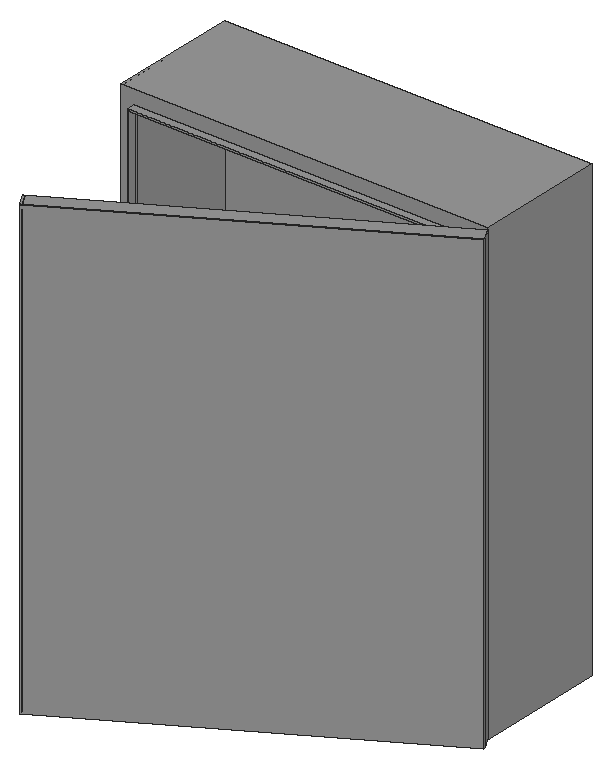
Revit family "Hager-Orion_Inox-IP65-D160-Cl.I-Inox_encl-630A-500mm-NoHosted-IT-it", category Equipement électrique, Revit 2020
Family settings
  Configuration du panneau = Deux colonnes, circuits au sein
  Cote de connecteur circulaire = Utiliser le diamètre
  Type d'élément = Tableau de raccordement
  Basée sur le plan de construction = Oui
  Toujours verticalement = Oui
  Couper avec des vides une fois chargée = Non
  Partagée = Non
  Point de calcul de pièce = Non
Parameters (values of type "incassato IP65 L400 A500 P160  - FL712BW")
  Width Control [instance] = if([EF000008 - Larghezza] > Min Width, [EF000008 - Larghezza], Min Width)  # 400 mm
  Commentaires du type = [HG000003 - Gamma]  # "Orion Inox"
  Thickness Door [instance] = if([EF009171 - spessore materiale porta/coperchio] > 3 mm, 3 mm, [EF009171 - spessore materiale porta/coperchio])  # 1.5 mm
  Seal Frame Offset [instance] = 17 mm  # constant formula
  Min Width [instance] = 100 mm  # constant formula
  Min Depth [instance] = (2 * [EF009170 - spessore materiale scatola]) + 1 mm  # 3.4 mm
  Min Height [instance] = 100 mm  # constant formula
  Internal Frame Depth [instance] = -(Door System Depth * 0.5)  # -9 mm
  Panel Name [instance] = ""  # (empty or 0)
  Model = ""
  HG000027 - Altezza dello zoccolo = 0 mm
  HG000026 - A pavimento = no
  HG000024 - Altezza della sezione inferiore = 600 mm
  HG000023 - Custodia a doppia sezione = no
  HG000016 - Visibilità delle porte nella vista 3D [instance] = yes
  HG000015 - Visibilità attraverso la porta [instance] = no
  HG000014 - Porta destra [instance] = yes
  HG000013 - Porta sinistra [instance] = not([HG000014 - Porta destra])  # no
  HG000012 - Angolo di apertura della porta [instance] = 30.00°
  HG000010 - Porte asimmetriche = no
  HG000009 - Porta doppia a battente = no
  HG000006 - Ad incasso = yes
  HG000004 - Codice produttore = "FL712BW"
  HG000003 - Gamma = "Orion Inox"
  HG000002 - Con porta = yes
  Frame Offset Bottom [instance] = 10 mm  # constant formula
  Frame Offset [instance] = 15 mm  # constant formula
  EF015940 - Coprire con rilascio di sovrapressione = no
  EF011959 - tipo di protezione (NEMA) = ""
  EF009554 - numero delle aperture per la piastra della flangia = 2
  EF009212 - esecuzione coperchio = "EV009916 - con taglio"
  EF009171 - spessore materiale porta/coperchio = 1.5 mm
  EF009170 - spessore materiale scatola = 1.2 mm
  EF008873 - corrente nominale (In) = 630 A
  EF007800 - adatto per parafulmine = no
  EF006306 - con serratura = yes
  EF006244 - coperchio/porta trasparente = no
  EF005474 - grado di protezione (IP) = "EV006421 - IP65"
  EF004464 - tipo di porta = "EV002646 - singolo"
  EF004427 - numero di moduli = 0
  EF004293 - resistenza agli urti = "EV008784 - IK10"
  EF003532 - adatto per uso esterno = yes
  EF002950 - Numero moduli DIN = 0
  EF001613 - Integrità del circuito = ""
  EF001596 - Attacco Lampada = "EV000166 - acciaio inossidabile"
  EF001131 - profondità interna = 160 mm
  EF001088 - possibilità di applicazione = no
  EF000437 - numero di ingressi per conduttori = 2
  EF000339 - tipo di copertura = "EV004216 - porta"
  EF000266 - numero di file = 0
  EF000218 - profondità di incasso = 0 mm
  EF000118 - con piastra di montaggio = yes
  EF000116 - numero RAL = ""
  EF000049 - profondità = 160 mm
  EF000040 - Altezza = 500 mm
  EF000008 - Larghezza = 400 mm
  EF000007 - colore = "EV000154 - altri"
  EF000003 - Tipo di montaggio = "EV001247 - apparente/incassato"
  Door System Leaf Tolerance [instance] = 1.5 mm  # constant formula
  Door System Depth [instance] = 18 mm  # constant formula
  Description = ""
  Default Elevation = 1219.2 mm
  Connector Offset [instance] = Height Control / 2  # 250 mm
  Fabricant = "Hager"  # constant formula
  Height Control [instance] = if([EF000040 - Altezza] > Min Height, [EF000040 - Altezza], Min Height)  # 500 mm
  Depth Control [instance] = if([EF000049 - profondità] > Min Depth, [EF000049 - profondità], Min Depth)  # 160 mm
Types (2, lengths in mm): name | HG000006 - Ad incasso
  apparente IP65 L400 A500 P160  - FL712BW | no
  incassato IP65 L400 A500 P160  - FL712BW | yes
Reference planes
  plane 1 "Center (Front/Back)": y = 0
  plane 2: z = 0
  plane 3 "Center (Left/Right)": x = 0
  plane 4: y = 0
  plane 5: y = 0
  plane 6: z = 0
  plane 7: x = -200
  plane 8: x = 200
  plane 9: x = 198.8
  plane 10: x = -198.8
  plane 11: z = 0
  plane 12: z = 1.2
  plane 13: y = -160
  plane 14: y = -1.2
  plane 15: x = 0
  plane 16: y = -142
  plane 17: y = -158.8
  plane 18: y = -140.8
  plane 19: x = -183.8
  plane 20: x = 183.8
  plane 21: z = 11.2
  plane 22: x = -183
  plane 23: x = 183
  plane 24: z = 0
  plane 25: z = 500
  plane 26: z = 500
  plane 27: z = 483.8
  plane 28: z = 498.8
Forms (mm)
  Extrusion 1, solid, material "Hager_Stainless_Steel", detail levels medium+fine
    sketch origin (-208.679, -4572, 0) x (-1, 0, 0) y (0, -1, 0)
      loop
        line (-8.679, -4430) -> (-408.679, -4430) -> (-408.679, -4572) -> (-8.679, -4572) -> (-8.679, -4430)
    from 0 to 500
  Extrusion 2, void
    sketch origin (-350.771, -160, 1219.2) x (1, 0, 0) y (0, 0, 1)
      loop
        line (151.971, -720.4) -> (151.971, -1218) -> (549.571, -1218) -> (549.571, -720.4) -> (151.971, -720.4)
    from -19.2 to -158.8
  Extrusion 3, void
    sketch origin (-290.084, -142, 1219.2) x (1, 0, 0) y (0, 0, 1)
      loop
        line (106.284, -1208) -> (473.884, -1208) -> (473.884, -735.4) -> (106.284, -735.4) -> (106.284, -1208)
    from 0 to -1.2
  Extrusion 4, solid, material "Hager_Stainless_Steel", detail levels fine
    sketch origin (-290.084, -142, 1219.2) x (-1, 0, 0) y (0, 0, 1)
      loop
        line (-473.884, -1208) -> (-106.284, -1208) -> (-106.284, -735.4) -> (-473.884, -735.4) -> (-473.884, -1208)
      loop
        line (-475.384, -1209.5) -> (-104.784, -1209.5) -> (-104.784, -733.9) -> (-475.384, -733.9) -> (-475.384, -1209.5)
    from 0 to -9 <- "Internal Frame Depth"
  Extrusion 5, solid, material "Hager_Stainless_Steel", detail levels coarse
    sketch origin (0, 0, 0) x (1, 0, 0) y (0, 1, 0)
      loop
        line (-200, 0) -> (-200, -160) -> (200, -160) -> (200, 0) -> (-200, 0)
    from 0 to 500 <- "Height Control"
Cuts and joins
  Extrusion 2, Extrusion 3 cuts Extrusion 1
Lines and regions (mm)
  Masking region 1
    outline origin (0, 0, 0) x (1, 0, 0) y (0, 1, 0)
      loop
        line (-200, 0) -> (-200, -160) -> (200, -160) -> (200, 0) -> (-200, 0)
  Masking region 2
    outline origin (-290.084, -142, 1219.2) x (-1, 0, 0) y (0, 0, 1)
      loop
        line (-490.084, -1219.2) -> (-90.084, -1219.2) -> (-90.084, -719.2) -> (-490.084, -719.2) -> (-490.084, -1219.2)
  Masking region 3, detail levels coarse
    outline origin (0, 0, 0) x (0, 1, 0) y (0, 0, 1)
      loop
        line (0, 0) -> (0, 500) -> (-160, 500) -> (-160, 0) -> (0, 0)
  Masking region 4, detail levels medium+fine
    outline origin (0, 0, 594.038) x (0, 1, 0) y (0, 0, 1)
      loop
        line (0, -594.038) -> (0, -94.038) -> (-142, -94.038) -> (-142, -594.038) -> (0, -594.038)
Dimensions and locks
  locked: plane 1 "Center (Front/Back)" to plane 5
  "EF009170 - spessore materiale scatola": plane 7 to plane 10
  "EF009170 - spessore materiale scatola": plane 8 to plane 9
  equal spacing: plane 7, plane 3 "Center (Left/Right)", plane 8
  "Width Control": plane 7 to plane 8
  "Depth Control": plane 4 to plane 13
  "EF009170 - spessore materiale scatola": plane 4 to plane 14
  "Height Control": plane 25 to level
  "EF009170 - spessore materiale scatola": plane 12 to plane 11
  "EF009170 - spessore materiale scatola": plane 17 to plane 13
  "EF009170 - spessore materiale scatola": plane 18 to plane 16
  "Frame Offset Bottom": plane 21 to plane 12
  "Frame Offset": plane 10 to plane 19
  "Frame Offset": plane 9 to plane 20
  "Door System Depth": plane 16 to plane 13
  "Seal Frame Offset": plane 7 to plane 22
  "Seal Frame Offset": plane 8 to plane 23
  "EF009170 - spessore materiale scatola": plane 26 to plane 28
  "Frame Offset": plane 28 to plane 27
  "Connector Offset": plane 2 to connector elem
  "Thickness Door": cut or joined group of Extrusion 1, Extrusion 2, Extrusion 3 to Extrusion 4 sketch curve
  "Thickness Door": Extrusion 4 sketch curve to plane 19
  "Thickness Door": Extrusion 4 sketch curve to plane 20
  "Thickness Door": Extrusion 4 sketch curve to plane 27
  aligned and locked: plane 12 to Extrusion 2 sketch curve
  aligned and locked: Extrusion 2 sketch curve to plane 9
  aligned and locked: Extrusion 2 sketch curve to plane 10
  aligned and locked: plane 14 to Extrusion 2
  aligned and locked: plane 4 to Extrusion 1 sketch curve
  aligned and locked: plane 8 to Extrusion 1 sketch curve
  aligned and locked: plane 7 to Extrusion 1 sketch curve
  aligned and locked: Extrusion 2 to plane 18
  aligned and locked: plane 19 to Extrusion 3 sketch curve
  aligned and locked: plane 20 to Extrusion 3 sketch curve
  aligned and locked: Extrusion 3 to Extrusion 2
  aligned and locked: Extrusion 3 sketch curve to plane 21
  aligned and locked: plane 3 "Center (Left/Right)" to nested 1
  aligned and locked: Extrusion 1 sketch curve to plane 16
  aligned and locked: Masking region 1 sketch curve to plane 7
  aligned and locked: Masking region 1 sketch curve to plane 5
  aligned and locked: Masking region 1 sketch curve to plane 8
  aligned and locked: Masking region 2 sketch curve to level
  aligned and locked: level to Masking region 3 sketch curve
  aligned and locked: plane 1 "Center (Front/Back)" to Masking region 3 sketch curve
  aligned and locked: plane 13 to Masking region 3 sketch curve
  aligned and locked: Masking region 2 sketch curve to plane 8
  aligned and locked: Masking region 2 sketch curve to plane 7
  aligned and locked: plane 7 to nested 2
  aligned and locked: nested 2 to plane 5
  aligned and locked: plane 5 to Masking region 4 sketch curve
  aligned and locked: plane 26 to Masking region 4 sketch curve
  aligned and locked: Extrusion 5 sketch curve to plane 8
  aligned and locked: Extrusion 5 sketch curve to plane 7
  aligned and locked: Extrusion 5 sketch curve to plane 5
  aligned and locked: plane 27 to Extrusion 3 sketch curve
  aligned and locked: Extrusion 2 sketch curve to plane 28
  aligned and locked: plane 27 to Extrusion 4 sketch curve
  aligned and locked: Extrusion 4 sketch curve to plane 20
  aligned and locked: plane 21 to Extrusion 4 sketch curve
  aligned and locked: Extrusion 4 sketch curve to plane 19
  aligned and locked: Masking region 2 to plane 25
  aligned and locked: Masking region 4 sketch curve to plane 24
  aligned and locked: Masking region 1 to plane 13
  aligned and locked: nested 1 to plane 16
  aligned and locked: Masking region 3 to plane 25
  aligned and locked: Masking region 4 sketch curve to plane 16
  aligned and locked: plane 24 to plane 11
  aligned and locked: plane 26 to plane 25
  aligned and locked: level to plane 24
  aligned and locked: Extrusion 1 to Masking region 3
  aligned and locked: level to nested 1
Automatic sketch dimensions
  Extrusion 5 sketch curve to plane 13 = 0 mm
  plane 27 to Masking region 2 sketch curve = 16.2 mm
  plane 27 to Masking region 3 sketch curve = 16.2 mm
  Masking region 1 sketch curve to plane 13 = 0 mm
  Extrusion 3 sketch curve to plane 21 = 0 mm
  plane 19 to Extrusion 3 sketch curve = 0 mm
  Extrusion 3 sketch curve to plane 20 = 0 mm
Nested families
  nested 1: "EC000058_OrionInox_Door" at (0, -142, 0), Double <- "HG000009 - Porta doppia a battente", Transparent <- "EF006244 - coperchio/porta trasparente", Angle <- "HG000012 - Angolo di apertura della porta", Door_Right <- "HG000014 - Porta destra", Assymetrical <- "HG000010 - Porte asimmetriche", Door <- "HG000002 - Con porta", Width_Ctrl <- "Width Control", 3d_Door <- "HG000016 - Visibilità delle porte nella vista 3D", Clearance <- "HG000015 - Visibilità attraverso la porta", Door_Left <- "HG000013 - Porta sinistra", Width <- "Width Control", Door_Depth <- "Door System Depth", Leaf_Tolerance <- "Door System Leaf Tolerance", Height <- "Height Control", Thickness <- "Thickness Door", type "EC000058_OrionInox_Door", detail levels medium+fine
    with min_wh 4 mm, Width_Ctrl 400 mm, Width 400 mm, Transparent no, Thickness 1.5 mm, Seal_Material Hager_Rubber, Leaf_Width 400 mm, Leaf_Tolerance_External_Sides 0 mm, Leaf_Tolerance 1.5 mm, Leaf_Offset 0 mm, Leaf_Height 497 mm, Leaf_2_Width 400 mm, Leaf_2_Offset 200 mm, Leaf_1_Width 400 mm, Leaf_1_Offset 200 mm, Height_Ctrl 500 mm, Height 500 mm, Glass_Material Hager_Glass, Double_Clearance_Ctrl no, Double no, Door_Right_Ctrl yes, Door_Right yes, Door_Material Hager_Stainless_Steel, Door_Left_Ctrl no, Door_Left no, Door_Depth 18 mm, Door yes, Clearance_Material Hager_Clearance, Clearance_Depth 400 mm, Clearance_Ctrl no, Clearance no, Assymetrical no, Angle 30.00°, 3d_Door yes
  nested 2: "Hager_Enclosure_Symbol" at (-200, 0, 0), Height <- "Depth Control", Width <- "Width Control", type "Hager_Enclosure_Symbol"
    with Width_Ctrl 400 mm, Width 400 mm, Height_Ctrl 160 mm, Height 160 mm, A_Width_Int 10.5 mm, A_Width 126 mm, A_Height_Ctrl 140 mm, A_Height 140 mm
Connectors
  electrical at (0, 0, 250)
    settings: on plane 1 "Center (Front/Back)", index 1, voltage 0 V, apparent load 0 VA, apparent load phase1 0 VA, apparent load phase2 0 VA, apparent load phase3 0 VA, power factor 1, load classification "Other", number of poles 1, system type 30, power factor state 1, is connector primary yes, connector utility no, sub classification motor no, connector description ""
Definition of nested family "EC000058_OrionInox_Door"
  Parameters (values of type "EC000058_OrionInox_Door")
    min_wh [instance] = (2 * Thickness) + 1 mm  # 11 mm
    Width_Ctrl [instance] = 400 mm
    Width [instance] = 500 mm
    Transparent [instance] = yes
    Thickness [instance] = 5 mm
    Seal_Material [instance] = none
    Leaf_Width [instance] = if((Width_Ctrl - 2 * Leaf_Tolerance_External_Sides) > 0 mm, (Width_Ctrl - 2 * Leaf_Tolerance_External_Sides), min_wh)  # 400 mm
    Leaf_Tolerance_External_Sides [instance] = 0 mm  # constant formula
    Leaf_Tolerance [instance] = 1.5 mm
    Leaf_Offset [instance] = 0 mm  # constant formula
    Leaf_Height [instance] = if((Height_Ctrl - 2 * Leaf_Tolerance) > 0 mm, (Height_Ctrl - 2 * Leaf_Tolerance), min_wh)  # 497 mm
    Leaf_2_Width [instance] = if(and(and(Double, Assymetrical), Door_Left), (Leaf_Width / 3) - (Leaf_Tolerance / 2), if(and(and(Double, Assymetrical), Door_Right), (Leaf_Width / 3) * 2 - (Leaf_Tolerance / 2), if(and(Double, not(Assymetrical)), (Leaf_Width / 2) - Leaf_Tolerance, Leaf_Width)))  # 400 mm
    Leaf_2_Offset [instance] = if(and(Double, Assymetrical), Leaf_2_Width / 2, if(and(Double, not(Assymetrical)), Leaf_Width / 4, Leaf_Width / 2))  # 200 mm
    Leaf_1_Width [instance] = if(and(and(Double, Assymetrical), Door_Right), (Leaf_Width / 3) - (Leaf_Tolerance / 2), if(and(and(Double, Assymetrical), Door_Left), (Width / 3) * 2 - (Leaf_Tolerance / 2), if(and(Double, not(Assymetrical)), (Leaf_Width / 2) - Leaf_Tolerance, Leaf_Width)))  # 400 mm
    Leaf_1_Offset [instance] = if(and(Double, Assymetrical), Leaf_1_Width / 2, if(and(Double, not(Assymetrical)), Leaf_Width / 4, Leaf_Width / 2))  # 200 mm
    Height_Ctrl [instance] = if(Height > min_wh, Height, min_wh)  # 500 mm
    Height [instance] = 500 mm
    Glass_Material [instance] = none
    Double_Clearance_Ctrl [instance] = and(Double, Clearance)  # no
    Double [instance] = no
    Door_Right_Ctrl [instance] = and(or(Door_Right, Double), Door)  # yes
    Door_Right [instance] = yes
    Door_Material [instance] = none
    Door_Left_Ctrl [instance] = and(or(Door_Left, Double), Door)  # no
    Door_Left [instance] = no
    Door_Depth [instance] = 30 mm
    Door [instance] = yes
    Default Elevation = 1219.2 mm
    Clearance_Material [instance] = none
    Clearance_Depth [instance] = if(Leaf_1_Width > Leaf_2_Width, Leaf_1_Width, Leaf_2_Width)  # 400 mm
    Clearance_Ctrl [instance] = and(not(Double), Clearance)  # yes
    Clearance [instance] = yes
    Assymetrical [instance] = yes
    Angle [instance] = 30.00°
    3d_Door [instance] = yes
  Reference planes
    plane 1 "Center (Front/Back)": y = 0
    plane 2 "Bottom": z = 0
    plane 3 "Center (Left/Right)": x = 0
    plane 4: z = 500
    plane 5: x = -200
    plane 6: x = 200
    plane 7: z = 500
    plane 8: x = -200
    plane 9: z = 0
    plane 10: x = 200
    plane 11: y = 0
    plane 12: z = 1.5
    plane 13: x = -600
    plane 14: y = -400
    plane 15: x = 600
    plane 16: x = 0
    plane 17: x = 0
    plane 18: x = -200
    plane 19: x = 200
    plane 20: z = 498.5
  Forms (mm)
    Extrusion 1, solid, material <- "Clearance_Material", visible <- "Double_Clearance_Ctrl"
      sketch origin (1200, 0, 0) x (1, 0, 0) y (0, 0, -1)
        loop
          line (-1800, -498.5) -> (-600, -498.5) -> (-600, 0) -> (-1800, 0) -> (-1800, -498.5)
      from 0 to -400
  Dimensions and locks
    equal spacing: plane 5, plane 3 "Center (Left/Right)", plane 6
    "Width_Ctrl": plane 5 to plane 6
    "Leaf_Offset": plane 5 to plane 8
    "Leaf_Offset": plane 6 to plane 10
    "Leaf_Offset": plane 9 to level
    "Leaf_Offset": plane 4 to plane 7
    "Height_Ctrl": plane 4 to level
    "Leaf_Tolerance": plane 12 to plane 9
    locked: plane 11 to plane 1 "Center (Front/Back)"
    "Leaf_1_Offset": plane 18 to plane 16
    "Leaf_2_Offset": plane 17 to plane 19
    "Leaf_1_Width": plane 13 to plane 8
    "Leaf_2_Width": plane 10 to plane 15
    "Clearance_Depth": plane 14 to plane 1 "Center (Front/Back)"
    "Leaf_Tolerance_External_Sides": plane 8 to plane 18
    "Leaf_Tolerance_External_Sides": plane 19 to plane 10
    "Leaf_Tolerance": plane 7 to plane 20
    aligned and locked: level to plane 2 "Bottom"
    aligned and locked: nested 1 to plane 16
    aligned and locked: nested 2 to plane 17
    aligned and locked: Extrusion 1 to plane 13
    aligned and locked: plane 15 to Extrusion 1
    aligned and locked: Extrusion 1 to plane 14
    aligned and locked: plane 12 to nested 1
    aligned and locked: nested 2 to plane 12
    aligned and locked: Extrusion 1 to plane 11
    aligned and locked: plane 20 to Extrusion 1
    aligned and locked: nested 2 to plane 11
    aligned and locked: nested 1 to plane 11
  Automatic sketch dimensions
    Extrusion 1 sketch curve to level = 0 mm
    plane 5 to Extrusion 1 sketch curve = 400 mm
    plane 6 to Extrusion 1 sketch curve = 400 mm
    Extrusion 1 sketch curve to plane 4 = 1.5 mm
  Nested families
    nested 1: "EC000058_OrionInox_Door_Leaf" at (0, 0, 1.5), Width <- "Leaf_1_Width", visible <- "Door_Left_Ctrl", Leaf_Height <- "Leaf_Height", Angle <- "Angle", 3d_Door <- "3d_Door", Transparent <- "Transparent", Clearance Material <- "Clearance_Material", Clearance <- "Clearance_Ctrl", Door_Material <- "Door_Material", Glass_Material <- "Glass_Material", Door_Depth <- "Door_Depth", Seal_Material <- "Seal_Material", Thickness <- "Thickness", type "EC000058_OrionInox_Door_Leaf"
      with Width 400 mm, Transparent_Ctrl yes, Transparent yes, Thickness 5 mm, Standard no, Seal_Material none, Seal_D2 8 mm, Seal_D1 1 mm, Offset_Internal_Frame 10 mm, Lock_Width 28 mm, Lock_Thickness 2 mm, Lock_Radius 6 mm, Leaf_Height 497 mm, Internal_Seal_Thickness 8 mm, Internal_Seal_Depth_2 4.5 mm, Internal_Frame_Depth 25 mm, Glass_Thickness -1 mm, Glass_Offset -2 mm, Glass_Material none, Door_Material none, Door_Depth 30 mm, Clearance Material none, Clearance yes, Angle_Ctrl 30.00°, Angle 30.00°, 3d_Door yes
    nested 2: "EC000058_OrionInox_Door_Leaf" at (0, 0, 1.5) x (-1, 0, 0) z (0, 0, 1), Width <- "Leaf_2_Width", visible <- "Door_Right_Ctrl", Leaf_Height <- "Leaf_Height", Angle <- "Angle", 3d_Door <- "3d_Door", Transparent <- "Transparent", Clearance Material <- "Clearance_Material", Clearance <- "Clearance_Ctrl", Door_Material <- "Door_Material", Glass_Material <- "Glass_Material", Door_Depth <- "Door_Depth", Seal_Material <- "Seal_Material", Thickness <- "Thickness", type "EC000058_OrionInox_Door_Leaf"
      with Width 400 mm, Transparent_Ctrl yes, Transparent yes, Thickness 5 mm, Standard no, Seal_Material none, Seal_D2 8 mm, Seal_D1 1 mm, Offset_Internal_Frame 10 mm, Lock_Width 28 mm, Lock_Thickness 2 mm, Lock_Radius 6 mm, Leaf_Height 497 mm, Internal_Seal_Thickness 8 mm, Internal_Seal_Depth_2 4.5 mm, Internal_Frame_Depth 25 mm, Glass_Thickness -1 mm, Glass_Offset -2 mm, Glass_Material none, Door_Material none, Door_Depth 30 mm, Clearance Material none, Clearance yes, Angle_Ctrl 30.00°, Angle 30.00°, 3d_Door yes
  Definition of nested family "EC000058_OrionInox_Door_Leaf"
    Parameters (values of type "EC000058_OrionInox_Door_Leaf")
      Width [instance] = 450 mm
      Transparent_Ctrl [instance] = and(Transparent, [3d_Door])  # yes
      Transparent [instance] = yes
      Thickness [instance] = 5 mm
      Standard [instance] = and(not(Transparent), [3d_Door])  # no
      Seal_Material [instance] = none
      Seal_D2 [instance] = 8 mm  # constant formula
      Seal_D1 [instance] = 1 mm  # constant formula
      Offset_Internal_Frame [instance] = 10 mm  # constant formula
      Lock_Width [instance] = Door_Depth - Lock_Thickness  # 28 mm
      Lock_Thickness [instance] = 2 mm  # constant formula
      Lock_Radius [instance] = 6 mm  # constant formula
      Leaf_Height [instance] = 450 mm
      Internal_Seal_Thickness [instance] = 8 mm  # constant formula
      Internal_Seal_Depth_2 [instance] = 4.5 mm  # constant formula
      Internal_Frame_Depth [instance] = if(Door_Depth - Thickness > 5 mm, Door_Depth - Thickness, 5 mm)  # 25 mm
      Glass_Thickness [instance] = if(Thickness > 15 mm, Glass_Offset + 10 mm, -1 mm)  # -1 mm
      Glass_Offset [instance] = if(Thickness > 15 mm, -(Thickness + 10 mm) / 2, -2 mm)  # -2 mm
      Glass_Material [instance] = none
      Door_Material [instance] = none
      Door_Depth [instance] = 30 mm
      Default Elevation = 0 mm
      Clearance Material [instance] = none
      Clearance [instance] = yes
      Angle_Ctrl [instance] = if(Angle > 180.00°, 180.00°, Angle)  # 90.00°
      Angle [instance] = 90.00°
      3d_Door [instance] = yes
    Reference planes
      plane 1 "Center (Front/Back)": y = 0
      plane 2: z = 0
      plane 3 "Center (Left/Right)": x = 0
      plane 4: y = 450
      plane 5: x = -225
      plane 6: x = 225
      plane 7: x = -675
      plane 8: z = 450
      plane 9: z = 30
      plane 10: z = 420
      plane 11: x = 195
      plane 12: x = -195
      plane 13: y = -3
      plane 14: z = 107.833
      plane 15: y = -5
      plane 16: y = -223.314
      plane 17: x = -225
      plane 18: y = 30
    Forms (mm)
      Extrusion 1, solid, material <- "Clearance Material", visible <- "Clearance"
        sketch origin (0, 0, 0) x (1, 0, 0) y (0, 0, 1)
          loop
            line (-675, 450) -> (-675, 0) -> (225, 0) -> (225, 450) -> (-675, 450)
        from 0 to -450
      Extrusion 2, solid, material <- "Door_Material", visible <- "Standard", detail levels medium+fine
        sketch origin (-225, 0, 0) x (0, 1, 0) y (-1, 0, 0)
          loop
            line (0, 30) -> (0, 25) -> (450, 25) -> (450, 30) -> (0, 30)
        from 0 to 450 <- "Leaf_Height"
      Extrusion 3, solid, material <- "Door_Material", visible <- "Transparent_Ctrl", detail levels medium+fine
        sketch origin (-225, 0, 0) x (0, 1, 0) y (-1, 0, 0)
          loop
            line (0, 25) -> (450, 25) -> (450, 30) -> (0, 30) -> (0, 25)
        from 0 to 450 <- "Leaf_Height"
      Extrusion 4, void
        sketch origin (-250, 450, 0) x (0, 1, 0) y (0, 0, -1)
          loop
            line (-30, -420) -> (-30, -30) -> (-420, -30) -> (-420, -420) -> (-30, -420)
        from 0 to 5 <- "Thickness"
      Sweep 5, solid, material <- "Seal_Material", visible <- "Transparent_Ctrl", detail levels fine
        path in 3D
          loop
            line (-250, 30, 30) -> (-250, 30, 420) -> (-250, 420, 420) -> (-250, 420, 30) -> (-250, 30, 30)
        profile origin (-250, 225, 30) x (1, 0, 0) y (0, 0, 1)
          loop
            line (0, 0) -> (0, -8) -> (1, -8) -> (1, 0) -> (0, 0)
      Extrusion 6, solid, material <- "Glass_Material", visible <- "Transparent_Ctrl", detail levels medium+fine
        sketch origin (-255, 0, 0) x (0, 1, 0) y (0, 0, -1)
          loop
            line (420, -420) -> (420, -30) -> (30, -30) -> (30, -420) -> (420, -420)
        from -2 <- "Glass_Offset" to -1 <- "Glass_Thickness"
      Extrusion 7, solid, material <- "Door_Material", visible <- "3d_Door", detail levels medium+fine
        sketch origin (-250, 450, 0) x (0, -1, 0) y (0, 0, -1)
          loop
            line (0, -450) -> (450, -450) -> (450, 0) -> (0, 0) -> (0, -450)
          loop
            line (445, -5) -> (5, -5) -> (5, -445) -> (445, -445) -> (445, -5)
        from 0 to 25 <- "Internal_Frame_Depth"
      Sweep 8, solid, material <- "Seal_Material", visible <- "Transparent_Ctrl", detail levels fine
        path in 3D
          loop
            line (-250, 0, 0) -> (-250, 450, 0) -> (-250, 450, 450) -> (-250, 0, 450) -> (-250, 0, 0)
        profile origin (-250, 0, 225) x (1, 0, 0) y (0, 1, 0)
          loop
            line (0, 10) -> (2.975, 10)
            arc (2.975, 10) -> (4.053, 10.447) -> (4.5, 11.525) r 1.525
            line (4.5, 11.525) -> (4.5, 16.527)
            arc (4.5, 16.527) -> (4.069, 17.569) -> (3.027, 18) r 1.473
            line (3.027, 18) -> (0, 18) -> (0, 10)
    Cuts and joins
      Extrusion 4 cuts Extrusion 3
    Lines and regions (mm)
      Masking region 1, detail levels medium+fine
        outline origin (0, 0, 0) x (0, 1, 0) y (0, 0, 1)
          loop
            line (0, 0) -> (30, 0) -> (30, 450) -> (0, 450) -> (0, 0)
      Masking region 2, detail levels medium+fine
        outline origin (0, 0, 0) x (1, 0, 0) y (0, 0, 1)
          loop
            line (-225, 450) -> (-225, 0) -> (225, 0) -> (225, 450) -> (-225, 450)
      symbolic lines
        curve 1: line (225, 0, 0) -> (-675, 0, 0)
        curve 2: arc (225, 0, 0) -> (-225, 450, 0) -> (-675, 0, 0) r 450
        curve 4: line (-255, 0, 0) -> (-255, 450, 0)
      reference lines
        curve 3: line (-225, 0, 0) -> (-225, 450, 0)
      symbolic lines, detail levels medium+fine
        curve 5: line (-255, 450, 0) -> (-250, 450, 0)
        curve 7: line (-250, 0, 0) -> (-255, 0, 0)
        curve 8: line (-250, 0, 0) -> (-225, 0, 0)
        curve 9: line (-225, 0, 0) -> (-225, 450, 0)
        curve 10: line (-225, 450, 0) -> (-250, 450, 0)
      symbolic lines, detail levels fine
        curve 6: line (-250, 450, 0) -> (-250, 0, 0)
      sketch lines
        curve 11: line (-250, 0, 450) -> (-250, 0, 0)
        curve 12: line (-250, 450, 0) -> (-250, 0, 0)
        curve 13: line (-250, 450, 450) -> (-250, 450, 0)
        curve 14: line (-250, 0, 450) -> (-250, 450, 450)
        curve 15: line (-250, 420, 30) -> (-250, 30, 30)
        curve 16: line (-250, 30, 30) -> (-250, 30, 420)
        curve 17: line (-250, 420, 420) -> (-250, 420, 30)
        curve 18: line (-250, 30, 420) -> (-250, 420, 420)
      symbolic lines, visible <- "Transparent", detail levels medium+fine
        curve 19: line (-195, 0, 420) -> (195, 0, 420)
        curve 20: line (-195, 0, 30) -> (-195, 0, 420)
        curve 21: line (195, 0, 30) -> (-195, 0, 30)
        curve 22: line (195, 0, 420) -> (195, 0, 30)
    Dimensions and locks
      "Width": plane 1 "Center (Front/Back)" to plane 4
      equal spacing: plane 5, plane 3 "Center (Left/Right)", plane 6
      "Width": plane 5 to plane 6
      "Width": plane 7 to plane 5
      "Leaf_Height": plane 8 to level
      "Width": curve 5 to curve 3
      "Width": curve 3 to curve 3
      plane 8 to plane 10 = 30 mm
      plane 9 to level = 30 mm
      plane 12 to plane 5 = 30 mm
      plane 6 to plane 11 = 30 mm
      Extrusion 4 sketch curve to Extrusion 3 = 30 mm
      Extrusion 3 to Extrusion 4 sketch curve = 30 mm
      Extrusion 1 to Extrusion 4 sketch curve = 30 mm
      curve 3 to Extrusion 4 sketch curve = 30 mm
      Extrusion 4 sketch curve to cut or joined group of Extrusion 3, Extrusion 4 = 30 mm
      cut or joined group of Extrusion 3, Extrusion 4 to Extrusion 6 sketch curve = 30 mm
      cut or joined group of Extrusion 3, Extrusion 4 to Extrusion 4 sketch curve = 30 mm
      "Thickness": curve 6 to curve 4
      "Thickness": Extrusion 7 sketch curve to Extrusion 7 sketch curve  (x4)
      "Door_Depth": curve 4 to curve 3
      "Offset_Internal_Frame": profile plane to Sweep 8 sketch curve
      "Internal_Seal_Thickness": Sweep 8 sketch curve to Sweep 8 sketch curve
      "Internal_Seal_Depth_2": profile plane to Sweep 8 sketch curve
      "Seal_D1": profile plane to Sweep 5 sketch curve
      "Seal_D2": profile plane to Sweep 5 sketch curve
      "Thickness": Extrusion 2 sketch curve to Extrusion 2 sketch curve
      "Door_Depth": plane 18 to plane 1 "Center (Front/Back)"
      radius of Sweep 8 sketch curve = 1.525 mm
      radius of Sweep 8 sketch curve = 1.473 mm
      "Angle_Ctrl": angle plane 1 "Center (Front/Back)" to curve 3
      aligned and locked: level to plane 2
      aligned and locked: Extrusion 1 to curve 1
      aligned and locked: plane 6 to Extrusion 1
      aligned and locked: plane 1 "Center (Front/Back)" to Extrusion 1
      aligned and locked: plane 4 to Extrusion 1
      aligned and locked: plane 8 to Extrusion 1
      aligned and locked: curve 7 to Extrusion 2 sketch curve
      aligned and locked: curve 5 to Extrusion 2 sketch curve
      aligned and locked: curve 7 to Extrusion 3 sketch curve
      aligned and locked: Extrusion 3 sketch curve to curve 4
      aligned and locked: Extrusion 3 sketch curve to curve 6
      aligned and locked: Extrusion 3 sketch curve to curve 5
      aligned and locked: curve 9 to curve 3
      aligned and locked: Extrusion 7 sketch curve to cut or joined group of Extrusion 3, Extrusion 4  (x4)
      aligned and locked: plane 17 to curve 3
      aligned and locked: plane 1 "Center (Front/Back)" to curve 3
      aligned and locked: plane 17 to plane 5
      aligned and locked: Sweep 8 sketch curve to profile plane
      aligned and locked: Sweep 5 sketch curve to profile plane  (x2)
      aligned and locked: plane 1 "Center (Front/Back)" to Masking region 1 sketch curve
      aligned and locked: plane 18 to Masking region 1 sketch curve
      aligned and locked: level to Masking region 1 sketch curve
      aligned and locked: Masking region 1 sketch curve to plane 8
      aligned and locked: plane 17 to Masking region 2 sketch curve
      aligned and locked: level to Masking region 2 sketch curve
      aligned and locked: Masking region 2 sketch curve to plane 8
      aligned and locked: plane 12 to curve 20
      aligned and locked: plane 10 to curve 19
      aligned and locked: plane 11 to curve 22
      aligned and locked: plane 9 to curve 21
      aligned and locked: Extrusion 2 sketch curve to cut or joined group of Extrusion 3, Extrusion 4
    Automatic sketch dimensions
      plane 1 "Center (Front/Back)" to curve 2 = 0 mm
      curve 2 to plane 5 = 0 mm
      Extrusion 1 sketch curve to level = 0 mm
      Extrusion 1 sketch curve to plane 7 = 0 mm
      Extrusion 1 sketch curve to plane 6 = 0 mm
      Extrusion 1 sketch curve to plane 8 = 0 mm
      Extrusion 3 to Extrusion 6 sketch curve = 30 mm  (x4)
      Masking region 2 sketch curve to plane 6 = 0 mm
      curve 4 to curve 3 = 0 mm
Definition of nested family "Hager_Enclosure_Symbol"
  Parameters (values of type "Hager_Enclosure_Symbol")
    Width_Ctrl [instance] = if(Width > 1 mm, Width, 1 mm)  # 102.27 mm
    Width [instance] = 102.27 mm
    Height_Ctrl [instance] = if(Height > 1 mm, Height, 1 mm)  # 66.5 mm
    A_Width_Int [instance] = if(A_Width / 12 > 2 mm, A_Width / 12, 2 mm)  # 4.364 mm
    A_Width [instance] = if(A_Height_Ctrl * 0.9 > 2 mm, A_Height_Ctrl * 0.9, 2 mm)  # 52.369 mm
    A_Height_Ctrl [instance] = if(A_Height > 2 mm, A_Height, 2 mm)  # 58.188 mm
    Height [instance] = 66.5 mm
    A_Height [instance] = Height - (Height / 8)  # 58.188 mm
  Reference planes
    plane 1 "Centre (avant/arrière)": y = 0
    plane 2: z = 0
    plane 3 "Centre (gauche/droite)": x = 0
    plane 4: x = 52.369
    plane 5: y = 33.042
    plane 6: y = 41.77
    plane 7: y = 66.5
    plane 8: x = 26.184
    plane 9: y = 37.406
    plane 10: x = 102.27
    plane 11: y = 66.5
    plane 12: y = 8.313
  Lines and regions (mm)
    Filled region 1, type "Solid_Black", in view "Niveau de réf."
      outline origin (0, 0, 0) x (1, 0, 0) y (0, 1, 0)
        loop
          line (52.369, 66.5) -> (33.188, 54.536) -> (45.365, 45.006) -> (52.369, 66.5)
    Filled region 2, type "Solid_Black", in view "Niveau de réf."
      outline origin (0, 0, 0) x (1, 0, 0) y (0, 1, 0)
        loop
          line (0, 0) -> (102.27, 0) -> (102.27, 66.5) -> (0, 0)
    detail lines, in view "Niveau de réf."
      curve 1: line (0, 8.313, 0) -> (26.184, 41.77, 0)
      curve 2: line (26.184, 41.77, 0) -> (26.184, 33.042, 0)
      curve 3: line (26.184, 33.042, 0) -> (52.369, 66.5, 0)
  Dimensions and locks
    "A_Width": plane 3 "Centre (gauche/droite)" to plane 4
    equal spacing: plane 3 "Centre (gauche/droite)", plane 8, plane 4
    equal spacing: plane 6, plane 9, plane 5
    equal spacing: curve 3, Filled region 1 sketch curve, Filled region 1 sketch curve
    "Height_Ctrl": plane 1 "Centre (avant/arrière)" to plane 11
    "A_Height_Ctrl": plane 11 to plane 12
    equal spacing: plane 11, plane 9, plane 12
    "A_Width_Int": plane 6 to plane 9
    "Width_Ctrl": plane 3 "Centre (gauche/droite)" to plane 10
    angle Filled region 1 sketch curve to curve 3 = 20.00°
    angle curve 3 to Filled region 1 sketch curve = 20.00°
    locked: curve 3 to Filled region 1 sketch curve (angle 90.00°)
    aligned and locked: plane 10 to Filled region 2
    aligned and locked: plane 11 to Filled region 2 sketch curve
    aligned and locked: plane 10 to Filled region 2 sketch curve
    aligned and locked: plane 3 "Centre (gauche/droite)" to curve 1
    aligned and locked: plane 12 to curve 1
    aligned and locked: plane 7 to plane 11
  Automatic sketch dimensions
    Filled region 1 sketch curve to plane 4 = 0 mm
    Filled region 1 sketch curve to plane 7 = 0 mm
    plane 1 "Centre (avant/arrière)" to Filled region 2 sketch curve = 0 mm
    Filled region 2 sketch curve to plane 3 "Centre (gauche/droite)" = 0 mm
    curve 2 to plane 6 = 0 mm
    curve 2 to plane 8 = 0 mm
    curve 3 to plane 4 = 0 mm
    curve 2 to plane 5 = 0 mm
    curve 3 to plane 7 = 0 mm
